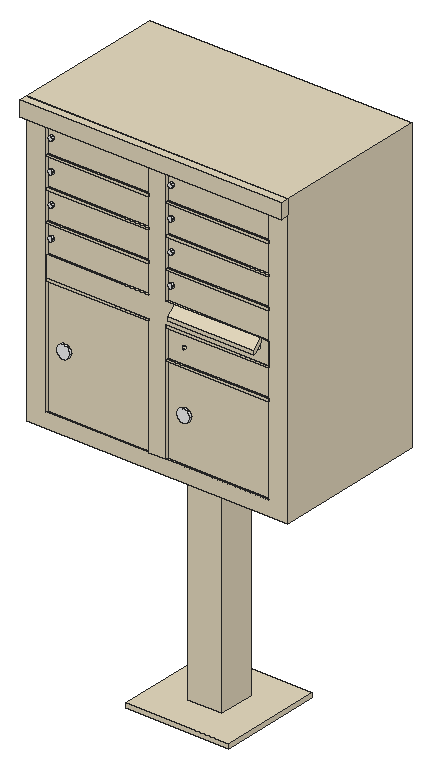
Revit family
Parameters (values of type "8SDAF")
  URL = "http://www.florencemailboxes.com/products.php?dept=Cluster_Box_Units&model=34"
  Slot Height = 0' - 3 1/2"
  Slot 24 = Empty : Empty
  Slot 23 = Empty : Empty
  Slot 22 = Mailbox - Florence - Small Parcel Door - Vital - 1570Series : Mailbox - Florence - Small Parcel Door - Vital - 1570Series
  Slot 21 = Mailbox - Florence - Vacant Door - Vital - 1570Series : Mailbox - Florence - Vacant Door - Vital - 1570Series
  Slot 20 = Mailbox - Florence - Standard Small Door - Vital - 1570Series : Mailbox - Florence - Standard Small Door - Vital - 1570Series
  Slot 19 = Mailbox - Florence - Standard Small Door - Vital - 1570Series : Mailbox - Florence - Standard Small Door - Vital - 1570Series
  Slot 18 = Mailbox - Florence - Standard Small Door - Vital - 1570Series : Mailbox - Florence - Standard Small Door - Vital - 1570Series
  Slot 17 = Mailbox - Florence - Standard Small Door - Vital - 1570Series : Mailbox - Florence - Standard Small Door - Vital - 1570Series
  Slot 16 = Empty : Empty
  Slot 15 = Empty : Empty
  Slot 14 = Empty : Empty
  Slot 13 = Empty : Empty
  Slot 12 = Empty : Empty
  Slot 11 = Empty : Empty
  Slot 10 = Empty : Empty
  Slot 09 = Empty : Empty
  Slot 08 = Mailbox - Florence - Standard Small Door - Vital - 1570Series : Mailbox - Florence - Standard Small Door - Vital - 1570Series
  Slot 07 = Mailbox - Florence - Standard Small Door - Vital - 1570Series : Mailbox - Florence - Standard Small Door - Vital - 1570Series
  Slot 06 = Mailbox - Florence - Standard Small Door - Vital - 1570Series : Mailbox - Florence - Standard Small Door - Vital - 1570Series
  Slot 05 = Mailbox - Florence - Standard Small Door - Vital - 1570Series : Mailbox - Florence - Standard Small Door - Vital - 1570Series
  Slot 04 = Mailbox - Florence - Large Parcel Door - Vital - 1570Series : Mailbox - Florence - Large Parcel Door - Vital - 1570Series
  Slot 03 = Empty : Empty
  Slot 02 = Empty : Empty
  Slot 01 = Empty : Empty
  Side Width = 0' - 2 1/4"
  Pedestal Height = 2' - 4"
  Omniclass Number = "23.40.90.14.11"  # constant formula
  Omniclass Name = "Mail Boxes"  # constant formula
  Model Number = "Vital - 1570 - 8SDAF"
  Model = "Vital Mailboxes"  # constant formula
  Middle Slot Height 3 = 0' - 3 1/2"
  Middle Slot Height 2 = 0' - 3 1/2"
  Middle Slot Height = 0' - 6"
  Material = Paint - Florence - Vital - Sandstone
  Manufacturer = "Florence Manufacturing Company"  # constant formula
  Lock Material = Aluminum
  Frame Top Thickness = 0' - 1 3/4"
  First Slot Height = 0' - 3 1/4"
  Description = "USPS approved cluster mail boxes"  # constant formula
  Depth = 1' - 6"
  Height = 5' - 2"
  Width = 2' - 6 1/2"
  Cross Width = 0' - 2 1/2"
  Cross Height = 1' - 3 3/4"
  Assembly Code = ""
Reference planes (in)
  plane 1 "Back": y = 0
  plane 2 "Bottom": z = 0
  plane 3 "Center (Left/Right)": x = 0.7377
  plane 4 "Left": x = -14.5123
  plane 5 "Right": x = 15.9877
  plane 6 "Front": y = -18
  plane 7 "Top": z = 62
  plane 8 "Center (Front/Back)": y = -9
  plane 9 "Pedestal Top": z = 28
  plane 10 "Box Offset Left": x = -12.2623
  plane 11 "Box Offset Right": x = 13.7377
  plane 12 "Box Offset Bottom": z = 29.75
  plane 13 "Box Offset Top": z = 60.25
  plane 14 "Shelf 2": z = 36.5
  plane 15 "Shelf 1": z = 33
  plane 16 "Shelf 3": z = 40
  plane 17 "Shelf 5": z = 49.5
  plane 18 "Shelf 6": z = 53
  plane 19 "Shelf 7": z = 56.5
  plane 20 "Shelf 8": z = 60
  plane 21 "Shelf 9": z = 63.5
  plane 22 "Shelf 10": z = 67
  plane 23 "Shelf 11": z = 70.5
  plane 24 "Shelf 12": z = 74
  plane 25 "Cross Right": x = 1.7377
  plane 26 "Cross Left": x = -0.2623
  plane 27 "Cross Top": z = 46.25
  plane 28 "Cross Bottom": z = 43.75
  plane 29 "Top Offset Front": y = -19
  plane 30 "Mail Slot Top": z = 45.75
  plane 31 "Mail Slot Bottom": z = 45
  plane 32 "Column 1": x = -6.2623
  plane 33 "Column 2": x = 7.7377
  plane 34 "Drawer Front": y = -17.75
  plane 35 "Shelf 4": z = 43.5
  plane 36 "Back Reference Plane": y = 2
Lines and regions (in)
  Masking region 1
    outline origin (0, 2, 0) x (0, 0, -1) y (-1, 0, 0)
      loop
        line (-62, -15.9877) -> (-28, -15.9877) -> (-28, 14.5123) -> (-62, 14.5123) -> (-62, -15.9877)
  Masking region 2
    outline origin (0, 0, 0) x (1, 0, 0) y (0, 1, 0)
      loop
        line (-14.5123, 0) -> (-14.5123, -19) -> (15.9877, -19) -> (15.9877, 0) -> (-14.5123, 0)
  Masking region 3, detail levels medium
    outline origin (0.7377, 0, 0) x (0, 1, 0) y (0, 0, 1)
      loop
        line (-18, 62) -> (-18, 28) -> (-11.0625, 28) -> (-11.0625, 0.5) -> (-15.0625, 0.5) -> (-15.0625, 0) -> (-2.9375, 0) -> (-2.9375, 0.5) -> (-6.9375, 0.5) -> (-6.9375, 28) -> (0, 28) -> (0, 62) -> (-18, 62)
  Masking region 4, detail levels fine
    outline origin (0.7377, 0, 0) x (0, 1, 0) y (0, 0, 1)
      loop
        line (-19, 62) -> (-19, 60.25) -> (-18, 60.25) -> (-18, 28) -> (-11.0625, 28) -> (-11.0625, 0.5) -> (-15.0625, 0.5) -> (-15.0625, 0) -> (-2.9375, 0) -> (-2.9375, 0.5) -> (-6.9375, 0.5) -> (-6.9375, 28) -> (0, 28) -> (0, 62) -> (-19, 62)
  Masking region 5, detail levels coarse
    outline origin (0.7377, 0, 0) x (0, 1, 0) y (0, 0, 1)
      loop
        line (-18, 62) -> (-18, 28) -> (-11.0625, 28) -> (-11.0625, 0.5) -> (-6.9375, 0.5) -> (-6.9375, 28) -> (0, 28) -> (0, 62) -> (-18, 62)
  Masking region 6
    outline origin (0, -9, 0) x (-1, 0, 0) y (0, 0, 1)
      loop
        line (1.2623, 28) -> (-2.7377, 28) -> (-2.7377, 0.5) -> (1.2623, 0.5) -> (1.2623, 28)
Dimensions and locks (in)
  "Depth": plane 6 "Front" to plane 1 "Back"
  "Width": plane 4 "Left" to plane 5 "Right"
  equal spacing: plane 4 "Left", plane 3 "Center (Left/Right)", plane 5 "Right"
  equal spacing: plane 6 "Front", plane 8 "Center (Front/Back)", plane 1 "Back"
  "Pedestal Height": plane 9 "Pedestal Top" to plane 2 "Bottom"
  "Side Width": plane 4 "Left" to plane 10 "Box Offset Left"
  "Side Width": plane 11 "Box Offset Right" to plane 5 "Right"
  "Frame Top Thickness": plane 12 "Box Offset Bottom" to plane 9 "Pedestal Top"
  "Frame Top Thickness": plane 7 "Top" to plane 13 "Box Offset Top"
  "First Slot Height": plane 15 "Shelf 1" to plane 12 "Box Offset Bottom"
  "Slot Height": plane 14 "Shelf 2" to plane 15 "Shelf 1"
  "Slot Height": plane 16 "Shelf 3" to plane 14 "Shelf 2"
  "Slot Height": plane 20 "Shelf 8" to plane 19 "Shelf 7"
  "Middle Slot Height 3": plane 21 "Shelf 9" to plane 20 "Shelf 8"
  "Slot Height": plane 22 "Shelf 10" to plane 21 "Shelf 9"
  "Slot Height": plane 23 "Shelf 11" to plane 22 "Shelf 10"
  "Slot Height": plane 24 "Shelf 12" to plane 23 "Shelf 11"
  "Slot Height": plane 18 "Shelf 6" to plane 17 "Shelf 5"
  "Middle Slot Height 2": plane 19 "Shelf 7" to plane 18 "Shelf 6"
  plane 25 "Cross Right" to plane 3 "Center (Left/Right)" = 0' - 1"
  plane 3 "Center (Left/Right)" to plane 26 "Cross Left" = 0' - 1"
  locked: plane 29 "Top Offset Front" to plane 6 "Front" at 1
  locked: plane 27 "Cross Top" to plane 30 "Mail Slot Top" at 0.5
  locked: plane 30 "Mail Slot Top" to plane 31 "Mail Slot Bottom" at 0.75
  "Cross Width": plane 27 "Cross Top" to plane 28 "Cross Bottom"
  "Cross Height": plane 28 "Cross Bottom" to plane 9 "Pedestal Top"
  equal spacing: plane 10 "Box Offset Left", plane 32 "Column 1", plane 26 "Cross Left"
  equal spacing: plane 25 "Cross Right", plane 33 "Column 2", plane 11 "Box Offset Right"
  locked: plane 34 "Drawer Front" to plane 6 "Front" at 0.25
  "Slot Height": plane 35 "Shelf 4" to plane 16 "Shelf 3"
  "Middle Slot Height": plane 17 "Shelf 5" to plane 35 "Shelf 4"
  plane 10 "Box Offset Left" to plane 32 "Column 1" = 0' - 6"
  plane 33 "Column 2" to plane 11 "Box Offset Right" = 0' - 6"
  "Height": plane 7 "Top" to plane 2 "Bottom"
  aligned and locked: nested 1 to plane 33 "Column 2"
  aligned and locked: nested 1 to plane 14 "Shelf 2"
  aligned and locked: nested 2 to plane 33 "Column 2"
  aligned and locked: nested 2 to plane 15 "Shelf 1"
  aligned and locked: nested 3 to plane 32 "Column 1"
  aligned and locked: nested 3 to plane 15 "Shelf 1"
  aligned and locked: nested 3 to plane 34 "Drawer Front"
  aligned and locked: nested 1 to plane 34 "Drawer Front"
  aligned and locked: nested 2 to plane 34 "Drawer Front"
  aligned and locked: nested 4 to plane 32 "Column 1"
  aligned and locked: nested 4 to plane 34 "Drawer Front"
  aligned and locked: nested 4 to plane 14 "Shelf 2"
  aligned and locked: nested 5 to plane 33 "Column 2"
  aligned and locked: nested 5 to plane 34 "Drawer Front"
  aligned and locked: nested 5 to plane 16 "Shelf 3"
  aligned and locked: nested 6 to plane 32 "Column 1"
  aligned and locked: nested 6 to plane 34 "Drawer Front"
  aligned and locked: nested 6 to plane 35 "Shelf 4"
  aligned and locked: nested 7 to plane 33 "Column 2"
  aligned and locked: nested 7 to plane 34 "Drawer Front"
  aligned and locked: nested 7 to plane 35 "Shelf 4"
  aligned and locked: nested 8 to plane 32 "Column 1"
  aligned and locked: nested 8 to plane 34 "Drawer Front"
  aligned and locked: nested 8 to plane 17 "Shelf 5"
  aligned and locked: nested 9 to plane 33 "Column 2"
  aligned and locked: nested 9 to plane 34 "Drawer Front"
  aligned and locked: nested 9 to plane 17 "Shelf 5"
  aligned and locked: nested 10 to plane 32 "Column 1"
  aligned and locked: nested 10 to plane 34 "Drawer Front"
  aligned and locked: nested 10 to plane 18 "Shelf 6"
  aligned and locked: nested 11 to plane 33 "Column 2"
  aligned and locked: nested 11 to plane 34 "Drawer Front"
  aligned and locked: nested 11 to plane 18 "Shelf 6"
  aligned and locked: nested 12 to plane 32 "Column 1"
  aligned and locked: nested 12 to plane 34 "Drawer Front"
  aligned and locked: nested 12 to plane 19 "Shelf 7"
  aligned and locked: nested 13 to plane 33 "Column 2"
  aligned and locked: nested 13 to plane 34 "Drawer Front"
  aligned and locked: nested 13 to plane 19 "Shelf 7"
  aligned and locked: nested 14 to plane 32 "Column 1"
  aligned and locked: nested 14 to plane 34 "Drawer Front"
  aligned and locked: nested 14 to plane 20 "Shelf 8"
  aligned and locked: nested 15 to plane 33 "Column 2"
  aligned and locked: nested 15 to plane 34 "Drawer Front"
  aligned and locked: nested 15 to plane 20 "Shelf 8"
  aligned and locked: nested 16 to plane 32 "Column 1"
  aligned and locked: nested 16 to plane 34 "Drawer Front"
  aligned and locked: nested 16 to plane 21 "Shelf 9"
  aligned and locked: nested 17 to plane 33 "Column 2"
  aligned and locked: nested 17 to plane 34 "Drawer Front"
  aligned and locked: nested 17 to plane 21 "Shelf 9"
  aligned and locked: nested 18 to plane 32 "Column 1"
  aligned and locked: nested 18 to plane 34 "Drawer Front"
  aligned and locked: nested 18 to plane 22 "Shelf 10"
  aligned and locked: nested 19 to plane 33 "Column 2"
  aligned and locked: nested 19 to plane 34 "Drawer Front"
  aligned and locked: nested 19 to plane 22 "Shelf 10"
  aligned and locked: nested 20 to plane 32 "Column 1"
  aligned and locked: nested 20 to plane 34 "Drawer Front"
  aligned and locked: nested 20 to plane 23 "Shelf 11"
  aligned and locked: nested 21 to plane 33 "Column 2"
  aligned and locked: nested 21 to plane 34 "Drawer Front"
  aligned and locked: nested 21 to plane 23 "Shelf 11"
  aligned and locked: nested 22 to plane 32 "Column 1"
  aligned and locked: nested 22 to plane 34 "Drawer Front"
  aligned and locked: nested 22 to plane 24 "Shelf 12"
  aligned and locked: nested 23 to plane 33 "Column 2"
  aligned and locked: nested 23 to plane 34 "Drawer Front"
  aligned and locked: nested 23 to plane 24 "Shelf 12"
  aligned and locked: nested 24 to plane 34 "Drawer Front"
  aligned and locked: nested 24 to plane 16 "Shelf 3"
  aligned and locked: nested 24 to plane 32 "Column 1"
  aligned and locked: plane 5 "Right" to nested 25
  aligned and locked: plane 7 "Top" to nested 25
  aligned and locked: plane 1 "Back" to nested 25
  aligned and locked: plane 7 "Top" to Masking region 1 sketch curve
  aligned and locked: plane 9 "Pedestal Top" to Masking region 1 sketch curve
  aligned and locked: Masking region 1 sketch curve to nested 25
  aligned and locked: plane 5 "Right" to Masking region 1 sketch curve
  aligned and locked: plane 2 "Bottom" to level
  aligned and locked: plane 1 "Back" to Masking region 2 sketch curve
  aligned and locked: Masking region 2 sketch curve to plane 4 "Left"
  aligned and locked: plane 29 "Top Offset Front" to Masking region 2 sketch curve
  aligned and locked: plane 5 "Right" to Masking region 2 sketch curve
  aligned and locked: Masking region 3 sketch curve to plane 7 "Top"
  aligned and locked: plane 6 "Front" to Masking region 3 sketch curve
  aligned and locked: Masking region 3 sketch curve to plane 1 "Back"
  aligned and locked: Masking region 3 sketch curve to plane 9 "Pedestal Top"  (x2)
  aligned and locked: Masking region 3 sketch curve to nested 25  (x4)
  aligned and locked: nested 25 to Masking region 3 sketch curve  (x2)
  aligned and locked: Masking region 3 sketch curve to plane 2 "Bottom"
  aligned and locked: plane 13 "Box Offset Top" to Masking region 4 sketch curve
  aligned and locked: plane 29 "Top Offset Front" to Masking region 4 sketch curve
  aligned and locked: Masking region 4 sketch curve to plane 6 "Front"
  aligned and locked: plane 7 "Top" to Masking region 4 sketch curve
  aligned and locked: plane 1 "Back" to Masking region 4 sketch curve
  aligned and locked: plane 9 "Pedestal Top" to Masking region 4 sketch curve  (x2)
  aligned and locked: nested 25 to Masking region 4 sketch curve
  aligned and locked: Masking region 4 sketch curve to nested 25  (x5)
  aligned and locked: plane 2 "Bottom" to Masking region 4 sketch curve
  aligned and locked: plane 7 "Top" to Masking region 5 sketch curve
  aligned and locked: plane 1 "Back" to Masking region 5 sketch curve
  aligned and locked: Masking region 5 sketch curve to plane 6 "Front"
  aligned and locked: plane 9 "Pedestal Top" to Masking region 5 sketch curve  (x2)
  aligned and locked: nested 25 to Masking region 5 sketch curve  (x2)
  aligned and locked: Masking region 5 sketch curve to nested 25
  aligned and locked: nested 25 to Masking region 6 sketch curve
  aligned and locked: plane 9 "Pedestal Top" to Masking region 6 sketch curve
  aligned and locked: Masking region 6 sketch curve to nested 25  (x2)
Nested families (in)
  nested 1: "Empty" at (7, -2.75, 33.25), type <- "Slot 23", type "Empty"
  nested 2: "Empty" at (7, -2.75, 29.75), type <- "Slot 24", type "Empty"
  nested 3: "Empty" at (-7, -2.75, 29.75), type <- "Slot 01", type "Empty"
  nested 4: "Empty" at (-7, -2.75, 33.25), type <- "Slot 02", type "Empty"
  nested 5: "Mailbox - Florence - Small Parcel Door - Vital - 1570Series" at (7, -16.75, 29.75), type <- "Slot 22", type "Mailbox - Florence - Small Parcel Door - Vital - 1570Series"
  nested 6: "Mailbox - Florence - Large Parcel Door - Vital - 1570Series" at (-7, -16.75, 29.75), type <- "Slot 04", type "Mailbox - Florence - Large Parcel Door - Vital - 1570Series"
  nested 7: "Mailbox - Florence - Vacant Door - Vital - 1570Series" at (7, -16.75, 40.25), type <- "Slot 21", type "Mailbox - Florence - Vacant Door - Vital - 1570Series"
  nested 8: "Mailbox - Florence - Standard Small Door - Vital - 1570Series" at (-7, -16.75, 46.25), type <- "Slot 05", type "Mailbox - Florence - Standard Small Door - Vital - 1570Series"
  nested 9: "Mailbox - Florence - Standard Small Door - Vital - 1570Series" at (7, -16.75, 46.25), type <- "Slot 20", type "Mailbox - Florence - Standard Small Door - Vital - 1570Series"
  nested 10: "Mailbox - Florence - Standard Small Door - Vital - 1570Series" at (-7, -16.75, 49.75), type <- "Slot 06", type "Mailbox - Florence - Standard Small Door - Vital - 1570Series"
  nested 11: "Mailbox - Florence - Standard Small Door - Vital - 1570Series" at (7, -16.75, 49.75), type <- "Slot 19", type "Mailbox - Florence - Standard Small Door - Vital - 1570Series"
  nested 12: "Mailbox - Florence - Standard Small Door - Vital - 1570Series" at (-7, -16.75, 53.25), type <- "Slot 07", type "Mailbox - Florence - Standard Small Door - Vital - 1570Series"
  nested 13: "Mailbox - Florence - Standard Small Door - Vital - 1570Series" at (7, -16.75, 53.25), type <- "Slot 18", type "Mailbox - Florence - Standard Small Door - Vital - 1570Series"
  nested 14: "Mailbox - Florence - Standard Small Door - Vital - 1570Series" at (-7, -16.75, 56.75), type <- "Slot 08", type "Mailbox - Florence - Standard Small Door - Vital - 1570Series"
  nested 15: "Mailbox - Florence - Standard Small Door - Vital - 1570Series" at (7, -16.75, 56.75), type <- "Slot 17", type "Mailbox - Florence - Standard Small Door - Vital - 1570Series"
  nested 16: "Empty" at (-7, -2.75, 60.25), type <- "Slot 09", type "Empty"
  nested 17: "Empty" at (7, -2.75, 60.25), type <- "Slot 16", type "Empty"
  nested 18: "Empty" at (-7, -2.75, 63.75), type <- "Slot 10", type "Empty"
  nested 19: "Empty" at (7, -2.75, 63.75), type <- "Slot 15", type "Empty"
  nested 20: "Empty" at (-7, -2.75, 67.25), type <- "Slot 11", type "Empty"
  nested 21: "Empty" at (7, -2.75, 67.25), type <- "Slot 14", type "Empty"
  nested 22: "Empty" at (-7, -2.75, 70.75), type <- "Slot 12", type "Empty"
  nested 23: "Empty" at (7, -2.75, 70.75), type <- "Slot 13", type "Empty"
  nested 24: "Empty" at (-7, -2.75, 36.75), type <- "Slot 03", type "Empty"
  nested 25: "Mailbox - Florence - Main Body - Vital - 1570-Series" at (0, 0, 0), type "Mailbox - Florence - Main Body - Vital - 1570-Series"
Definition of nested family "Mailbox - Florence - Small Parcel Door - Vital - 1570Series"
  Parameters
    URL = "http://www.florencemailboxes.com/products.php?dept=Cluster_Box_Units&model=34"
    Model = "Vital 1570 Series Large Parcel Door"  # constant formula
    Material = Paint - Florence - Vital - Postal Grey
    Manufacturer = "Florence Manufacturing Company"  # constant formula
    Lock Material = Aluminum
    Description = "USPS approved cluster mail box door"  # constant formula
    Depth = 0' - 1"  # constant formula
    Height = 0' - 10 1/4"  # constant formula
    Width = 1' - 0"  # constant formula
  Reference planes (in)
    plane 1 "Back": y = 0
    plane 2 "Base": z = 0
    plane 3 "Center (Left/Right)": x = 0.7377
    plane 4 "Left": x = -5.2623
    plane 5 "Right": x = 6.7377
    plane 6 "Front": y = -1
    plane 7 "Top": z = 10.25
    plane 8 "Front Offset": y = -1.25
    plane 9: z = 10.5
    plane 10 "Key Offset Vertical": z = 5.25
    plane 11 "Key Offset Horizontal": x = -3.2623
  Forms (in)
    Extrusion 1, solid, material "Paint - Florence - Vital - Postal Grey" <- "Material", detail levels fine
      sketch origin (0, 0, 0) x (1, 0, 0) y (0, 1, 0)
        loop
          line (-5.2623, 0) -> (-5.2623, -1) -> (6.7377, -1) -> (6.7377, 0) -> (-5.2623, 0)
      from 0 to 10.25
    Extrusion 2, solid, material "Paint - Florence - Vital - Postal Grey" <- "Material", detail levels fine
      sketch origin (-10, -1, -6.29163) x (1, 0, 0) y (0, 0, 1)
        loop
          line (4.7377, 16.79163) -> (4.7377, 16.54163) -> (16.7377, 16.54163) -> (16.7377, 16.79163) -> (4.7377, 16.79163)
      from -1 to 0.25
    Sweep 3, solid, material "Aluminum" <- "Lock Material", detail levels fine
      path origin (0, 0, 5.25) x (-1, 0, 0) y (0, -1, 0)
        loop
          line (3.2623, 1.25) -> (3.2623, 1)
      profile origin (-3.2623, -1.125, 5.25) x (-1, 0, 0) y (0, 0, 1)
        loop
          circle (0, 0) r 0.75
  Lines and regions (in)
    symbolic lines, style "Projection Lines", detail levels fine
      curve 1: circle (-3.2623, -1, 5.25) r 0.75 normal (0, -1, 0)
    symbolic lines, style "Symbolic Lines"
      curve 2: line (-5.2623, -1, 10.5) -> (6.7377, -1, 10.5)
    model lines, style "Model Lines", detail levels medium
      curve 3: circle (-3.2623, -1, 5.25) r 0.75 normal (0, 1, 0)
      curve 4: line (6.7377, -1, 10.25) -> (-5.2623, -1, 10.25)
    model lines, style "Model Lines", detail levels coarse+medium
      curve 5: line (6.7377, -1, 10.5) -> (-5.2623, -1, 10.5)
      curve 6: line (6.7377, -1, 0) -> (-5.2623, -1, 0)
    symbolic lines, style "Symbolic Lines", detail levels medium+fine
      curve 7: line (-5.2623, -1, 10.25) -> (6.7377, -1, 10.25)
  Dimensions and locks (in)
    "Depth": plane 6 "Front" to plane 1 "Back"
    "Width": plane 4 "Left" to plane 5 "Right"
    equal spacing: plane 4 "Left", plane 3 "Center (Left/Right)", plane 5 "Right"
    "Height": level to plane 7 "Top"
    plane 8 "Front Offset" to plane 6 "Front" = 0' - 0 1/4"
    plane 9 to plane 7 "Top" = 0' - 0 1/4"
    equal spacing: plane 9, plane 10 "Key Offset Vertical", plane 2 "Base"
    plane 4 "Left" to plane 11 "Key Offset Horizontal" = 0' - 2"
    aligned and locked: plane 4 "Left" to Extrusion 1 sketch curve
    aligned and locked: plane 1 "Back" to Extrusion 1 sketch curve
    aligned and locked: plane 6 "Front" to Extrusion 1 sketch curve
    aligned and locked: plane 5 "Right" to Extrusion 1 sketch curve
    aligned and locked: Extrusion 1 to plane 2 "Base"
    aligned and locked: Extrusion 1 to plane 7 "Top"
    aligned and locked: plane 4 "Left" to Extrusion 2 sketch curve
    aligned and locked: Extrusion 2 sketch curve to plane 9
    aligned and locked: Extrusion 2 sketch curve to Extrusion 1  (x2)
    aligned and locked: Extrusion 2 to plane 1 "Back"
    aligned and locked: Extrusion 2 to plane 8 "Front Offset"
    aligned and locked: Sweep 3 sketch curve to plane 11 "Key Offset Horizontal"
    aligned and locked: curve 1 to Sweep 3
    aligned and locked: curve 3 to Sweep 3
    aligned and locked: plane 7 "Top" to curve 7
    aligned and locked: curve 5 to Extrusion 2  (x2)
    aligned and locked: Extrusion 2 to curve 4
    aligned and locked: curve 2 to plane 9
    aligned and locked: plane 2 "Base" to curve 6
  Automatic sketch dimensions
    plane 7 "Top" to Extrusion 2 sketch curve = 0' - 0"
    Sweep 3 sketch curve to plane 6 "Front" = 0' - 0"
    Sweep 3 sketch curve to plane 8 "Front Offset" = 0' - 0"
    Sweep 3 sketch curve to plane 10 "Key Offset Vertical" = 0' - 0"
    Sweep 3 sketch curve to profile plane = 0' - 0"
    curve 4 to plane 7 "Top" = 0' - 0"
    curve 7 to plane 4 "Left" = 0' - 0"
    curve 6 to plane 4 "Left" = 0' - 0"
    curve 6 to plane 5 "Right" = 0' - 0"
    curve 2 to plane 5 "Right" = 0' - 0"
    curve 4 to plane 5 "Right" = 0' - 0"
    curve 7 to plane 5 "Right" = 0' - 0"
    radius of Sweep 3 sketch curve = 0' - 0 3/4"
Definition of nested family "Mailbox - Florence - Large Parcel Door - Vital - 1570Series"
  Parameters
    URL = "http://www.florencemailboxes.com/products.php?dept=Cluster_Box_Units&model=34"
    Model = "Vital 1570 Series Large Parcel Door"  # constant formula
    Manufacturer = "Florence Manufacturing Company"  # constant formula
    Lock Material = Metal - Florence - Vital - Aluminum
    Frame Material = Paint - Florence - Vital - Postal Grey
    Description = "USPS approved cluster mail box Door"  # constant formula
    Depth = 0' - 1"  # constant formula
    Height = 1' - 1 3/4"  # constant formula
    Width = 1' - 0"  # constant formula
  Reference planes (in)
    plane 1 "Back": y = 0
    plane 2 "Base": z = 0
    plane 3 "Center (Left/Right)": x = 0.7377
    plane 4 "Left": x = -5.2623
    plane 5 "Right": x = 6.7377
    plane 6 "Front": y = -1
    plane 7 "Top": z = 13.75
    plane 8 "Front Offset": y = -1.25
    plane 9: z = 14
    plane 10 "Key Offset Vertical": z = 7
    plane 11 "Key Offset Horizontal": x = -3.2623
  Forms (in)
    Extrusion 1, solid, material "Paint - Florence - Vital - Postal Grey" <- "Frame Material", detail levels fine
      sketch origin (0, 0, 0) x (1, 0, 0) y (0, 1, 0)
        loop
          line (-5.2623, 0) -> (-5.2623, -1) -> (6.7377, -1) -> (6.7377, 0) -> (-5.2623, 0)
      from 0 to 13.75
    Extrusion 2, solid, material "Paint - Florence - Vital - Postal Grey" <- "Frame Material", detail levels fine
      sketch origin (0, -1, 0) x (1, 0, 0) y (0, 0, 1)
        loop
          line (-5.2623, 14) -> (-5.2623, 13.75) -> (6.7377, 13.75) -> (6.7377, 14) -> (-5.2623, 14)
      from -1 to 0.25
    Sweep 3, solid, material "Metal - Florence - Vital - Aluminum" <- "Lock Material", detail levels fine
      path origin (0, 0, 7) x (-1, 0, 0) y (0, -1, 0)
        loop
          line (3.2623, 1.25) -> (3.2623, 1)
      profile origin (-3.2623, -1.125, 7) x (-1, 0, 0) y (0, 0, 1)
        loop
          circle (0, 0) r 0.75
  Lines and regions (in)
    symbolic lines, style "Projection Lines", detail levels fine
      curve 1: circle (-3.2623, -1, 7) r 0.75 normal (0, -1, 0)
    symbolic lines, style "Symbolic Lines"
      curve 2: line (-5.2623, -1, 14) -> (6.7377, -1, 14)
    model lines, style "Model Lines", detail levels coarse+medium
      curve 3: line (6.7377, -1, 14) -> (-5.2623, -1, 14)
      curve 4: line (-5.2623, -1, 0) -> (6.7377, -1, 0)
    model lines, style "Model Lines", detail levels medium
      curve 5: circle (-3.2623, -1, 7) r 0.75 normal (0, 1, 0)
      curve 6: line (6.7377, -1, 13.75) -> (-5.2623, -1, 13.75)
    symbolic lines, style "Symbolic Lines", detail levels medium+fine
      curve 7: line (-5.2623, -1, 13.75) -> (6.7377, -1, 13.75)
  Dimensions and locks (in)
    "Depth": plane 6 "Front" to plane 1 "Back"
    "Width": plane 4 "Left" to plane 5 "Right"
    equal spacing: plane 4 "Left", plane 3 "Center (Left/Right)", plane 5 "Right"
    "Height": level to plane 7 "Top"
    plane 8 "Front Offset" to plane 6 "Front" = 0' - 0 1/4"
    plane 9 to plane 7 "Top" = 0' - 0 1/4"
    equal spacing: plane 9, plane 10 "Key Offset Vertical", plane 2 "Base"
    plane 4 "Left" to plane 11 "Key Offset Horizontal" = 0' - 2"
    aligned and locked: plane 4 "Left" to Extrusion 1 sketch curve
    aligned and locked: plane 1 "Back" to Extrusion 1 sketch curve
    aligned and locked: plane 6 "Front" to Extrusion 1 sketch curve
    aligned and locked: plane 5 "Right" to Extrusion 1 sketch curve
    aligned and locked: Extrusion 1 to plane 2 "Base"
    aligned and locked: Extrusion 1 to plane 7 "Top"
    aligned and locked: plane 4 "Left" to Extrusion 2 sketch curve
    aligned and locked: Extrusion 2 sketch curve to plane 9
    aligned and locked: Extrusion 1 to Extrusion 2 sketch curve
    aligned and locked: Extrusion 2 sketch curve to Extrusion 1
    aligned and locked: Extrusion 2 to plane 1 "Back"
    aligned and locked: Extrusion 2 to plane 8 "Front Offset"
    aligned and locked: Sweep 3 sketch curve to plane 11 "Key Offset Horizontal"
    aligned and locked: curve 1 to Sweep 3
    aligned and locked: curve 2 to Extrusion 2
    aligned and locked: curve 5 to Sweep 3
    aligned and locked: plane 7 "Top" to curve 7
    aligned and locked: curve 3 to Extrusion 2
    aligned and locked: Extrusion 2 to curve 6
    aligned and locked: curve 6 to Extrusion 2
    aligned and locked: plane 4 "Left" to Extrusion 1
    aligned and locked: plane 7 "Top" to Extrusion 2
    aligned and locked: plane 9 to Extrusion 2
    aligned and locked: curve 4 to plane 2 "Base"
  Automatic sketch dimensions
    Extrusion 2 sketch curve to plane 7 "Top" = 0' - 0"
    Sweep 3 sketch curve to plane 6 "Front" = 0' - 0"
    Sweep 3 sketch curve to plane 8 "Front Offset" = 0' - 0"
    Sweep 3 sketch curve to plane 10 "Key Offset Vertical" = 0' - 0"
    Sweep 3 sketch curve to profile plane = 0' - 0"
    curve 7 to plane 4 "Left" = 0' - 0"
    curve 4 to plane 4 "Left" = 0' - 0"
    curve 6 to plane 5 "Right" = 0' - 0"
    curve 2 to plane 5 "Right" = 0' - 0"
    curve 4 to plane 5 "Right" = 0' - 0"
    curve 7 to plane 5 "Right" = 0' - 0"
    radius of Sweep 3 sketch curve = 0' - 0 3/4"
Definition of nested family "Mailbox - Florence - Vacant Door - Vital - 1570Series"
  Parameters
    URL = "http://www.florencemailboxes.com/products.php?dept=Cluster_Box_Units&model=34"
    Model = "Vital 1570 Series Vacant Door"  # constant formula
    Material = Paint - Florence - Vital - Postal Grey
    Manufacturer = "Florence Manufacturing Company"  # constant formula
    Description = "USPS approved cluster mail box door"  # constant formula
    Depth = 0' - 1"  # constant formula
    Height = 0' - 3 1/4"  # constant formula
    Width = 1' - 0"  # constant formula
  Reference planes (in)
    plane 1 "Back": y = 0
    plane 2 "Base": z = 0
    plane 3 "Center (Left/Right)": x = 0.7377
    plane 4 "Left": x = -5.2623
    plane 5 "Right": x = 6.7377
    plane 6 "Front": y = -1
    plane 7 "Top": z = 3.25
    plane 8 "Front Offset": y = -1.25
    plane 9 "Lip Top": z = 3.5
    plane 10 "Key Offset Vertical": z = 1.75
    plane 11 "Key Offset Horizontal": x = -3.2623
  Forms (in)
    Extrusion 1, solid, material "Paint - Florence - Vital - Postal Grey" <- "Material", detail levels fine
      sketch origin (0, 0, 0) x (1, 0, 0) y (0, 1, 0)
        loop
          line (-5.2623, 0) -> (-5.2623, -1) -> (6.7377, -1) -> (6.7377, 0) -> (-5.2623, 0)
      from 0 to 3.25
    Extrusion 2, solid, material "Paint - Florence - Vital - Postal Grey" <- "Material", detail levels fine
      sketch origin (0, -1, 0) x (1, 0, 0) y (0, 0, 1)
        loop
          line (-5.2623, 3.5) -> (-5.2623, 3.25) -> (6.7377, 3.25) -> (6.7377, 3.5) -> (-5.2623, 3.5)
      from -1 to 0.25
    Sweep 3, void, detail levels fine
      path origin (0, 0, 1.75) x (-1, 0, 0) y (0, -1, 0)
        loop
          line (3.2623, 1) -> (3.2623, 0)
      profile origin (-3.2623, -0.5, 1.75) x (-1, 0, 0) y (0, 0, 1)
        loop
          circle (0, 0) r 0.25
  Cuts and joins
    Sweep 3 cuts Extrusion 1
  Lines and regions (in)
    symbolic lines, style "Symbolic Lines", detail levels fine
      curve 1: circle (-3.2623, -1, 1.75) r 0.25 normal (0, -1, 0)
    symbolic lines, style "Symbolic Lines"
      curve 2: line (6.7377, -1, 3.5) -> (-5.2623, -1, 3.5)
    model lines, style "Model Lines"
      curve 3: line (6.7377, -1, 3.5) -> (-5.2623, -1, 3.5)
      curve 5: line (6.7377, -1, 0) -> (-5.2623, -1, 0)
    model lines, style "Model Lines", detail levels medium+fine
      curve 4: line (6.7377, -1, 3.25) -> (-5.2623, -1, 3.25)
    model lines, style "Model Lines", detail levels medium
      curve 6: circle (-3.2623, -1, 1.75) r 0.25 normal (0, -1, 0)
    symbolic lines, style "Symbolic Lines", detail levels medium+fine
      curve 7: line (-5.2623, -1, 3.25) -> (6.7377, -1, 3.25)
  Dimensions and locks (in)
    "Depth": plane 6 "Front" to plane 1 "Back"
    "Width": plane 4 "Left" to plane 5 "Right"
    equal spacing: plane 4 "Left", plane 3 "Center (Left/Right)", plane 5 "Right"
    "Height": level to plane 7 "Top"
    plane 8 "Front Offset" to plane 6 "Front" = 0' - 0 1/4"
    plane 9 "Lip Top" to plane 7 "Top" = 0' - 0 1/4"
    equal spacing: plane 9 "Lip Top", plane 10 "Key Offset Vertical", plane 2 "Base"
    plane 4 "Left" to plane 11 "Key Offset Horizontal" = 0' - 2"
    aligned and locked: plane 4 "Left" to Extrusion 1 sketch curve
    aligned and locked: plane 1 "Back" to Extrusion 1 sketch curve
    aligned and locked: plane 6 "Front" to Extrusion 1 sketch curve
    aligned and locked: plane 5 "Right" to Extrusion 1 sketch curve
    aligned and locked: Extrusion 1 to plane 2 "Base"
    aligned and locked: Extrusion 1 to plane 7 "Top"
    aligned and locked: plane 4 "Left" to Extrusion 2 sketch curve
    aligned and locked: Extrusion 2 sketch curve to plane 9 "Lip Top"
    aligned and locked: Extrusion 1 to Extrusion 2 sketch curve
    aligned and locked: Extrusion 2 sketch curve to Extrusion 1
    aligned and locked: Extrusion 2 to plane 1 "Back"
    aligned and locked: Extrusion 2 to plane 8 "Front Offset"
    aligned and locked: Sweep 3 sketch curve to plane 11 "Key Offset Horizontal"
    aligned and locked: plane 9 "Lip Top" to curve 2
    aligned and locked: curve 6 to cut or joined group of Extrusion 1, Sweep 3
    aligned and locked: plane 7 "Top" to curve 7
    aligned and locked: curve 4 to Extrusion 2
    aligned and locked: curve 3 to Extrusion 2
    aligned and locked: Extrusion 2 to curve 4
    aligned and locked: curve 1 to curve 6
    aligned and locked: curve 4 to plane 7 "Top"
    aligned and locked: plane 2 "Base" to curve 5
  Automatic sketch dimensions
    Extrusion 2 sketch curve to plane 7 "Top" = 0' - 0"
    Sweep 3 sketch curve to plane 1 "Back" = 0' - 0"
    Sweep 3 sketch curve to plane 6 "Front" = 0' - 0"
    Sweep 3 sketch curve to plane 10 "Key Offset Vertical" = 0' - 0"
    Sweep 3 sketch curve to profile plane = 0' - 0"
    curve 7 to plane 4 "Left" = 0' - 0"
    curve 5 to plane 4 "Left" = 0' - 0"
    curve 3 to plane 5 "Right" = 0' - 0"
    curve 7 to plane 5 "Right" = 0' - 0"
    curve 5 to plane 5 "Right" = 0' - 0"
    radius of Sweep 3 sketch curve = 0' - 0 1/4"
Definition of nested family "Mailbox - Florence - Standard Small Door - Vital - 1570Series"
  Parameters
    URL = "090722-RevitDrop Shared Parameters.txt"
    Model = "Vital Series 1570 Series Standard Small Door"  # constant formula
    Material = Paint - Florence - Vital - Postal Grey
    Manufacturer = "Florence Manufacturing Company"  # constant formula
    Lock Material = Aluminum
    Description = "USPS approved cluster mail box door"  # constant formula
    Depth = 0' - 1"  # constant formula
    Height = 0' - 3 1/4"  # constant formula
    Width = 1' - 0"  # constant formula
  Reference planes (in)
    plane 1 "Back": y = 0
    plane 2 "Base": z = 0
    plane 3 "Center (Left/Right)": x = 0.7377
    plane 4 "Left": x = -5.2623
    plane 5 "Right": x = 6.7377
    plane 6 "Front": y = -1
    plane 7 "Top": z = 3.25
    plane 8 "Front Offset": y = -1.25
    plane 9: z = 3.5
    plane 10 "Key Offset Vertical": z = 1.75
    plane 11 "Key Offset Horizontal": x = -4.7623
  Forms (in)
    Extrusion 1, solid, material "Paint - Florence - Vital - Postal Grey" <- "Material", detail levels fine
      sketch origin (0, 0, 0) x (1, 0, 0) y (0, 1, 0)
        loop
          line (-5.2623, 0) -> (-5.2623, -1) -> (6.7377, -1) -> (6.7377, 0) -> (-5.2623, 0)
      from 0 to 3.25
    Extrusion 2, solid, material "Paint - Florence - Vital - Postal Grey" <- "Material", detail levels fine
      sketch origin (0, -1, 0) x (1, 0, 0) y (0, 0, 1)
        loop
          line (-5.2623, 3.5) -> (-5.2623, 3.25) -> (6.7377, 3.25) -> (6.7377, 3.5) -> (-5.2623, 3.5)
      from -1 to 0.25
    Sweep 3, solid, material "Aluminum" <- "Lock Material", detail levels fine
      path origin (0, 0, 1.75) x (-1, 0, 0) y (0, -1, 0)
        loop
          line (4.7623, 1.25) -> (4.7623, 1)
      profile origin (-4.7623, -1.125, 1.75) x (-1, 0, 0) y (0, 0, 1)
        loop
          circle (0, 0) r 0.25
  Lines and regions (in)
    symbolic lines, style "Projection Lines", detail levels fine
      curve 1: circle (-4.7623, -1, 1.75) r 0.25 normal (0, -1, 0)
    symbolic lines, style "Symbolic Lines"
      curve 2: line (6.7377, -1, 3.5) -> (-5.2623, -1, 3.5)
    model lines, style "Model Lines", detail levels coarse+medium
      curve 3: line (6.7377, -1, 3.5) -> (-5.2623, -1, 3.5)
      curve 4: line (6.7377, -1, 0) -> (-5.2623, -1, 0)
    model lines, style "Model Lines", detail levels medium
      curve 5: line (6.7377, -1, 3.25) -> (-5.2623, -1, 3.25)
      curve 6: circle (-4.7623, -1, 1.75) r 0.25 normal (0, -1, 0)
    symbolic lines, style "Symbolic Lines", detail levels medium+fine
      curve 7: line (-5.2623, -1, 3.25) -> (6.7377, -1, 3.25)
  Dimensions and locks (in)
    "Depth": plane 6 "Front" to plane 1 "Back"
    "Width": plane 4 "Left" to plane 5 "Right"
    equal spacing: plane 4 "Left", plane 3 "Center (Left/Right)", plane 5 "Right"
    "Height": level to plane 7 "Top"
    plane 8 "Front Offset" to plane 6 "Front" = 0' - 0 1/4"
    plane 9 to plane 7 "Top" = 0' - 0 1/4"
    equal spacing: plane 9, plane 10 "Key Offset Vertical", plane 2 "Base"
    plane 4 "Left" to plane 11 "Key Offset Horizontal" = 0' - 0 1/2"
    aligned and locked: plane 4 "Left" to Extrusion 1 sketch curve
    aligned and locked: plane 1 "Back" to Extrusion 1 sketch curve
    aligned and locked: plane 6 "Front" to Extrusion 1 sketch curve
    aligned and locked: plane 5 "Right" to Extrusion 1 sketch curve
    aligned and locked: Extrusion 1 to plane 2 "Base"
    aligned and locked: Extrusion 1 to plane 7 "Top"
    aligned and locked: plane 4 "Left" to Extrusion 2 sketch curve
    aligned and locked: Extrusion 2 sketch curve to plane 9
    aligned and locked: Extrusion 1 to Extrusion 2 sketch curve
    aligned and locked: Extrusion 2 sketch curve to Extrusion 1
    aligned and locked: Extrusion 2 to plane 1 "Back"
    aligned and locked: Extrusion 2 to plane 8 "Front Offset"
    aligned and locked: Sweep 3 sketch curve to plane 11 "Key Offset Horizontal"
    aligned and locked: plane 8 "Front Offset" to Sweep 3
    aligned and locked: curve 4 to Extrusion 1
    aligned and locked: curve 3 to Extrusion 2  (x2)
    aligned and locked: Extrusion 2 to curve 3
    aligned and locked: curve 6 to Sweep 3
    aligned and locked: plane 7 "Top" to curve 7
    aligned and locked: curve 5 to Extrusion 2
    aligned and locked: Extrusion 2 to curve 5
    aligned and locked: curve 1 to Sweep 3
  Automatic sketch dimensions
    Extrusion 2 sketch curve to plane 7 "Top" = 0' - 0"
    Sweep 3 sketch curve to plane 6 "Front" = 0' - 0"
    Sweep 3 sketch curve to plane 8 "Front Offset" = 0' - 0"
    Sweep 3 sketch curve to plane 10 "Key Offset Vertical" = 0' - 0"
    Sweep 3 sketch curve to profile plane = 0' - 0"
    curve 5 to plane 7 "Top" = 0' - 0"
    curve 7 to plane 4 "Left" = 0' - 0"
    curve 4 to plane 4 "Left" = 0' - 0"
    curve 4 to plane 5 "Right" = 0' - 0"
    curve 7 to plane 5 "Right" = 0' - 0"
    radius of Sweep 3 sketch curve = 0' - 0 1/4"
Definition of nested family "Mailbox - Florence - Main Body - Vital - 1570-Series"
  Parameters
    URL = "http://www.florencemailboxes.com/products.php?dept=Cluster_Box_Units&model=34"
    Slot Height = 0' - 3 1/2"
    Side Width = 0' - 2 1/4"
    Pedestal Height = 2' - 4"
    Omniclass Number = "23.40.90.14.11"  # constant formula
    Omniclass Name = "Mail Boxes"  # constant formula
    Model Number = "Vital 1570-8SDAF"
    Model = "Vital & Versatile Mailboxes"  # constant formula
    Middle Slot Height 3 = 0' - 3 1/2"
    Middle Slot Height 2 = 0' - 3 1/2"
    Middle Slot Height = 0' - 6"
    Material = Paint - Florence - Vital - Postal Grey
    Manufacturer = "Florence Manufacturing Company"  # constant formula
    Lock Material = Aluminum
    Frame Top Thickness = 0' - 1 3/4"
    First Slot Height = 0' - 3 1/4"
    Description = "USPS approved cluster mail boxes"  # constant formula
    Depth = 1' - 6"
    Height = 5' - 2"
    Width = 2' - 6 1/2"
    Cross Width = 0' - 2 3/4"
    Cross Height = 1' - 3 1/2"
  Reference planes (in)
    plane 1 "Back": y = 0
    plane 2: z = 0
    plane 3 "Center (Left/Right)": x = 0.7377
    plane 4 "Left": x = -14.5123
    plane 5 "Right": x = 15.9877
    plane 6 "Front": y = -18
    plane 7 "Top": z = 62
    plane 8 "Base Rear": y = -2.9375
    plane 9 "Base Front": y = -15.0625
    plane 10 "Pedestal Back": y = -6.9375
    plane 11 "Pedestal Front": y = -11.0625
    plane 12 "Center (Front/Back)": y = -9
    plane 13 "Pedestal Left": x = -1.2623
    plane 14 "Pedestal Right": x = 2.7377
    plane 15 "Base Right": x = 6.7377
    plane 16 "Base Left": x = -5.2623
    plane 17 "Base Top": z = 0.5
    plane 18 "Pedestal Top": z = 28
    plane 19 "Box Offset Left": x = -12.2623
    plane 20 "Box Offset Back": y = -1
    plane 21 "Box Offset Right": x = 13.7377
    plane 22 "Box Offset Bottom": z = 29.75
    plane 23 "Box Offset Top": z = 60.25
    plane 24 "Shelf 2": z = 36.5
    plane 25 "Shelf 1": z = 33
    plane 26 "Shelf 3": z = 40
    plane 27 "Shelf 5": z = 49.5
    plane 28 "Shelf 6": z = 53
    plane 29 "Shelf 7": z = 56.5
    plane 30 "Shelf 8": z = 60
    plane 31 "Shelf 9": z = 63.5
    plane 32 "Shelf 10": z = 67
    plane 33 "Shelf 11": z = 70.5
    plane 34 "Shelf 12": z = 74
    plane 35 "Cross Right": x = 1.7377
    plane 36 "Cross Left": x = -0.2623
    plane 37 "Cross Top": z = 46.25
    plane 38 "Cross Bottom": z = 43.5
    plane 39 "Top Offset Front": y = -19
    plane 40 "Mail Slot Right": x = 12.7377
    plane 41 "Mail Slot Top": z = 45.75
    plane 42 "Mail Slot Bottom": z = 45
    plane 43 "Column 1": x = -6.2623
    plane 44 "Column 2": x = 7.7377
    plane 45 "Drawer Front": y = -17.75
    plane 46 "Shelf 4": z = 43.5
  Forms (in)
    Extrusion 1, solid, material "Paint - Florence - Vital - Postal Grey" <- "Material"
      sketch origin (0, -18, 0) x (1, 0, 0) y (0, 0, 1)
        loop
          line (-1.2623, 28) -> (-1.2623, 0.5) -> (2.7377, 0.5) -> (2.7377, 28) -> (-1.2623, 28)
      from -11.0625 to -6.9375
    Extrusion 2, solid, material "Paint - Florence - Vital - Postal Grey" <- "Material"
      sketch origin (0, 0, 0) x (1, 0, 0) y (0, 1, 0)
        loop
          line (-5.2623, -15.0625) -> (6.7377, -15.0625) -> (6.7377, -2.9375) -> (-5.2623, -2.9375) -> (-5.2623, -15.0625)
      from 0 to 0.5
    Extrusion 3, solid, material "Paint - Florence - Vital - Postal Grey" <- "Material", detail levels fine
      sketch origin (0, -18, 0) x (1, 0, 0) y (0, 0, 1)
        loop
          line (-12.2623, 46.25) -> (-12.2623, 43.5) -> (-0.2623, 43.5) -> (-0.2623, 29.75) -> (1.7377, 29.75) -> (1.7377, 43.5) -> (13.7377, 43.5) -> (13.7377, 46.25) -> (1.7377, 46.25) -> (1.7377, 60.25) -> (-0.2623, 60.25) -> (-0.2623, 46.25) -> (-12.2623, 46.25)
        loop
          line (2.7377, 45.75) -> (2.7377, 45) -> (12.7377, 45) -> (12.7377, 45.75) -> (2.7377, 45.75)
      from -2.9375 to 0
    Extrusion 4, solid, material "Paint - Florence - Vital - Postal Grey" <- "Material", detail levels fine
      sketch origin (15.9877, 0, 0) x (0, -1, 0) y (0, 0, 1)
        loop
          line (19, 45.3763) -> (18, 46.25) -> (18, 45.75) -> (18.85842, 45) -> (19, 45) -> (19, 45.3763)
      from 3.25 to 13.25
    Extrusion 5, solid, material "Paint - Florence - Vital - Postal Grey" <- "Material", detail levels coarse+medium
      sketch origin (0, -18, 0) x (1, 0, 0) y (0, 0, 1)
        loop
          line (-12.2623, 60.25) -> (-12.2623, 29.75) -> (13.7377, 29.75) -> (13.7377, 60.25) -> (-12.2623, 60.25)
      from -0.25 to -2.9375
    Extrusion 6, solid, material "Paint - Florence - Vital - Postal Grey" <- "Material", detail levels coarse+medium
      sketch origin (0, -18, 0) x (1, 0, 0) y (0, 0, 1)
        loop
          line (-12.2623, 46.25) -> (-12.2623, 43.5) -> (-0.2623, 43.5) -> (-0.2623, 29.75) -> (1.7377, 29.75) -> (1.7377, 43.5) -> (13.7377, 43.5) -> (13.7377, 46.25) -> (1.7377, 46.25) -> (1.7377, 60.25) -> (-0.2623, 60.25) -> (-0.2623, 46.25) -> (-12.2623, 46.25)
      from 0 to -2.9375
    Extrusion 7, solid, material "Paint - Florence - Vital - Postal Grey" <- "Material"
      sketch origin (0, -18, 0) x (1, 0, 0) y (0, 0, 1)
        loop
          line (-14.5123, 62) -> (-14.5123, 28) -> (15.9877, 28) -> (15.9877, 62) -> (-14.5123, 62)
        loop
          line (-12.2623, 60.25) -> (-12.2623, 29.75) -> (13.7377, 29.75) -> (13.7377, 60.25) -> (-12.2623, 60.25)
      from 0 to -18
    Extrusion 8, solid, material "Paint - Florence - Vital - Postal Grey" <- "Material"
      sketch origin (0, 0, 0) x (1, 0, 0) y (0, 1, 0)
        loop
          line (-12.2623, 0) -> (-12.2623, -1) -> (13.7377, -1) -> (13.7377, 0) -> (-12.2623, 0)
      from 29.75 to 60.25
    Extrusion 9, solid, material "Paint - Florence - Vital - Postal Grey" <- "Material", detail levels fine
      sketch origin (0, -18, 0) x (1, 0, 0) y (0, 0, 1)
        loop
          line (-14.5123, 62) -> (-14.5123, 60.25) -> (15.9877, 60.25) -> (15.9877, 62) -> (-14.5123, 62)
      from 0 to 1
  Cuts and joins
    joined: Extrusion 3, Extrusion 4
    joined: Extrusion 7, Extrusion 8
  Lines and regions (in)
    symbolic lines, style "Framing", detail levels medium+fine
      curve 1: line (-14.5123, -15.0625, 0.5) -> (-14.5123, -15.0625, 0)
      curve 2: line (-14.5123, -15.0625, 0) -> (-14.5123, -2.9375, 0)
      curve 3: line (-14.5123, -2.9375, 0) -> (-14.5123, -2.9375, 0.5)
      curve 6: line (-5.2623, -18, 0.5) -> (-5.2623, -18, 0)
      curve 7: line (-5.2623, -18, 0) -> (6.7377, -18, 0)
      curve 8: line (6.7377, -18, 0) -> (6.7377, -18, 0.5)
    symbolic lines, style "Projection Lines"
      curve 4: line (-1.2623, -18, 28) -> (-1.2623, -18, 0.5)
      curve 5: line (2.7377, -18, 28) -> (2.7377, -18, 0.5)
      curve 13: line (-14.5123, -11.0625, 28) -> (-14.5123, -11.0625, 0.5)
      curve 14: line (-14.5123, -6.9375, 28) -> (-14.5123, -6.9375, 0.5)
      curve 27: line (-12.2623, -18, 46.25) -> (-0.2623, -18, 46.25)
      curve 28: line (-0.2623, -18, 46.25) -> (-0.2623, -18, 60.25)
      curve 29: line (1.7377, -18, 60.25) -> (1.7377, -18, 46.25)
      curve 30: line (1.7377, -18, 46.25) -> (13.7377, -18, 46.25)
      curve 31: line (-0.2623, -18, 29.75) -> (-0.2623, -18, 43.5)
      curve 49: line (-12.2623, -18, 43.5) -> (-0.2623, -18, 43.5)
      curve 50: line (1.7377, -18, 43.5) -> (13.7377, -18, 43.5)
      curve 51: line (1.7377, -18, 29.75) -> (1.7377, -18, 43.5)
    symbolic lines, style "Framing"
      curve 9: line (-14.5123, -18, 62) -> (15.9877, -18, 62)
      curve 10: line (-14.5123, -18, 28) -> (-14.5123, -18, 62)
      curve 11: line (15.9877, -18, 28) -> (-14.5123, -18, 28)
      curve 12: line (15.9877, -18, 62) -> (15.9877, -18, 28)
      curve 15: line (-14.5123, 0, 28) -> (-14.5123, -18, 28)
      curve 16: line (-14.5123, 0, 28) -> (-14.5123, 0, 62)
      curve 18: line (-14.5123, -18, 60.25) -> (-14.5123, -18, 28)
      curve 23: line (-12.2623, -18, 60.25) -> (-12.2623, -18, 29.75)
      curve 24: line (-12.2623, -18, 29.75) -> (13.7377, -18, 29.75)
      curve 25: line (13.7377, -18, 29.75) -> (13.7377, -18, 60.25)
      curve 47: line (-14.5123, -2.9375, 0.5) -> (-14.5123, -15.0625, 0.5)
      curve 48: line (6.7377, 0, 0.5) -> (-5.2623, 0, 0.5)
    symbolic lines, style "Framing", detail levels fine
      curve 17: line (-14.5123, 0, 62) -> (-14.5123, -19, 62)
      curve 26: line (15.9877, -18, 60.25) -> (-14.5123, -18, 60.25)
      curve 32: line (2.7377, -18, 46.25) -> (2.7377, -18, 45)
      curve 33: line (2.7377, -18, 45) -> (12.7377, -18, 45)
      curve 34: line (12.7377, -18, 45) -> (12.7377, -18, 46.25)
      curve 43: line (-14.5123, -18, 60.25) -> (-14.5123, -19, 60.25)
      curve 44: line (-14.5123, -19, 60.25) -> (-14.5123, -19, 62)
    symbolic lines, style "Symbolic Lines", detail levels fine
      curve 19: line (-14.5123, -18, 46.25) -> (-14.5123, -19, 45.3763)
      curve 20: line (-14.5123, -19, 45.3763) -> (-14.5123, -19, 45)
      curve 21: line (-14.5123, -18.85842, 45) -> (-14.5123, -18, 45.75)
      curve 22: line (-14.5123, -18.85842, 45) -> (-14.5123, -19, 45)
      curve 40: line (-14.5123, -18, 0) -> (-14.5123, -19, 0)
      curve 41: line (-14.5123, -19, 0) -> (15.9877, -19, 0)
      curve 42: line (15.9877, -19, 0) -> (15.9877, -18, 0)
    symbolic lines, style "Framing", detail levels coarse+medium
      curve 35: line (-12.2623, -18, 60.25) -> (13.7377, -18, 60.25)
      curve 45: line (-14.5123, -18, 60.25) -> (-14.5123, -18, 62)
      curve 46: line (-14.5123, 0, 62) -> (-14.5123, -18, 62)
    symbolic lines, style "Symbolic Lines"
      curve 36: line (-14.5123, 0, 0) -> (15.9877, 0, 0)
      curve 37: line (-14.5123, -18, 0) -> (-14.5123, 0, 0)
      curve 39: line (15.9877, 0, 0) -> (15.9877, -18, 0)
    symbolic lines, style "Symbolic Lines", detail levels coarse+medium
      curve 38: line (15.9877, -18, 0) -> (-14.5123, -18, 0)
  Dimensions and locks (in)
    "Depth": plane 6 "Front" to plane 1 "Back"
    "Width": plane 4 "Left" to plane 5 "Right"
    equal spacing: plane 4 "Left", plane 3 "Center (Left/Right)", plane 5 "Right"
    "Height": level to plane 7 "Top"
    equal spacing: plane 6 "Front", plane 12 "Center (Front/Back)", plane 1 "Back"
    plane 16 "Base Left" to plane 3 "Center (Left/Right)" = 0' - 6"
    plane 3 "Center (Left/Right)" to plane 15 "Base Right" = 0' - 6"
    plane 17 "Base Top" to plane 2 = 0' - 0 1/2"
    "Pedestal Height": plane 18 "Pedestal Top" to plane 2
    "Side Width": plane 4 "Left" to plane 19 "Box Offset Left"
    "Side Width": plane 21 "Box Offset Right" to plane 5 "Right"
    locked: plane 1 "Back" to plane 20 "Box Offset Back" at 1
    "Frame Top Thickness": plane 22 "Box Offset Bottom" to plane 18 "Pedestal Top"
    "Frame Top Thickness": plane 7 "Top" to plane 23 "Box Offset Top"
    "First Slot Height": plane 25 "Shelf 1" to plane 22 "Box Offset Bottom"
    "Slot Height": plane 24 "Shelf 2" to plane 25 "Shelf 1"
    "Slot Height": plane 26 "Shelf 3" to plane 24 "Shelf 2"
    "Slot Height": plane 30 "Shelf 8" to plane 29 "Shelf 7"
    "Middle Slot Height 3": plane 31 "Shelf 9" to plane 30 "Shelf 8"
    "Slot Height": plane 32 "Shelf 10" to plane 31 "Shelf 9"
    "Slot Height": plane 33 "Shelf 11" to plane 32 "Shelf 10"
    "Slot Height": plane 34 "Shelf 12" to plane 33 "Shelf 11"
    "Slot Height": plane 28 "Shelf 6" to plane 27 "Shelf 5"
    "Middle Slot Height 2": plane 29 "Shelf 7" to plane 28 "Shelf 6"
    plane 35 "Cross Right" to plane 3 "Center (Left/Right)" = 0' - 1"
    plane 3 "Center (Left/Right)" to plane 36 "Cross Left" = 0' - 1"
    locked: plane 39 "Top Offset Front" to plane 6 "Front" at 1
    plane 40 "Mail Slot Right" to plane 21 "Box Offset Right" = 0' - 1"
    locked: plane 37 "Cross Top" to plane 41 "Mail Slot Top" at 0.5
    locked: plane 41 "Mail Slot Top" to plane 42 "Mail Slot Bottom" at 0.75
    equal spacing: plane 8 "Base Rear", plane 12 "Center (Front/Back)", plane 9 "Base Front"
    equal spacing: plane 10 "Pedestal Back", plane 12 "Center (Front/Back)", plane 11 "Pedestal Front"
    "Cross Width": plane 37 "Cross Top" to plane 38 "Cross Bottom"
    "Cross Height": plane 38 "Cross Bottom" to plane 18 "Pedestal Top"
    equal spacing: plane 13 "Pedestal Left", plane 3 "Center (Left/Right)", plane 14 "Pedestal Right"
    equal spacing: plane 19 "Box Offset Left", plane 43 "Column 1", plane 36 "Cross Left"
    equal spacing: plane 35 "Cross Right", plane 44 "Column 2", plane 21 "Box Offset Right"
    locked: plane 45 "Drawer Front" to plane 6 "Front" at 0.25
    "Slot Height": plane 46 "Shelf 4" to plane 26 "Shelf 3"
    "Middle Slot Height": plane 27 "Shelf 5" to plane 46 "Shelf 4"
    aligned and locked: plane 13 "Pedestal Left" to Extrusion 1 sketch curve
    aligned and locked: Extrusion 1 sketch curve to plane 18 "Pedestal Top"
    aligned and locked: plane 17 "Base Top" to Extrusion 1 sketch curve
    aligned and locked: plane 14 "Pedestal Right" to Extrusion 1 sketch curve
    aligned and locked: plane 10 "Pedestal Back" to Extrusion 1
    aligned and locked: Extrusion 1 to plane 11 "Pedestal Front"
    aligned and locked: plane 16 "Base Left" to Extrusion 2 sketch curve
    aligned and locked: Extrusion 2 sketch curve to plane 9 "Base Front"
    aligned and locked: plane 8 "Base Rear" to Extrusion 2 sketch curve
    aligned and locked: Extrusion 2 sketch curve to plane 15 "Base Right"
    aligned and locked: Extrusion 2 to plane 2
    aligned and locked: plane 17 "Base Top" to Extrusion 2
    aligned and locked: plane 36 "Cross Left" to Extrusion 3 sketch curve  (x2)
    aligned and locked: Extrusion 3 sketch curve to plane 38 "Cross Bottom"  (x2)
    aligned and locked: Extrusion 3 sketch curve to plane 21 "Box Offset Right"
    aligned and locked: plane 19 "Box Offset Left" to Extrusion 3 sketch curve
    aligned and locked: plane 37 "Cross Top" to Extrusion 3 sketch curve  (x2)
    aligned and locked: Extrusion 3 sketch curve to plane 35 "Cross Right"  (x2)
    aligned and locked: plane 23 "Box Offset Top" to Extrusion 3 sketch curve
    aligned and locked: Extrusion 3 sketch curve to plane 22 "Box Offset Bottom"
    aligned and locked: plane 6 "Front" to Extrusion 3
    aligned and locked: plane 40 "Mail Slot Right" to Extrusion 3 sketch curve
    aligned and locked: Extrusion 3 sketch curve to plane 14 "Pedestal Right"
    aligned and locked: Extrusion 3 sketch curve to plane 41 "Mail Slot Top"
    aligned and locked: plane 42 "Mail Slot Bottom" to Extrusion 3 sketch curve
    aligned and locked: Extrusion 3 to plane 38 "Cross Bottom"
    aligned and locked: Extrusion 4 to plane 6 "Front"
    aligned and locked: plane 7 "Top" to curve 9
    aligned and locked: plane 18 "Pedestal Top" to curve 11
    aligned and locked: plane 5 "Right" to curve 12
    aligned and locked: curve 10 to plane 4 "Left"
    aligned and locked: cut or joined group of Extrusion 3, Extrusion 4 to plane 39 "Top Offset Front"
    aligned and locked: cut or joined group of Extrusion 3, Extrusion 4 to plane 42 "Mail Slot Bottom"
    aligned and locked: plane 37 "Cross Top" to cut or joined group of Extrusion 3, Extrusion 4  (x3)
    aligned and locked: plane 41 "Mail Slot Top" to cut or joined group of Extrusion 3, Extrusion 4
    aligned and locked: cut or joined group of Extrusion 3, Extrusion 4 to plane 40 "Mail Slot Right"
    aligned and locked: plane 14 "Pedestal Right" to cut or joined group of Extrusion 3, Extrusion 4
    aligned and locked: plane 17 "Base Top" to curve 14
    aligned and locked: plane 10 "Pedestal Back" to curve 14
    aligned and locked: plane 18 "Pedestal Top" to curve 13
    aligned and locked: plane 11 "Pedestal Front" to curve 13
    aligned and locked: plane 1 "Back" to curve 16
    aligned and locked: curve 19 to cut or joined group of Extrusion 3, Extrusion 4
    aligned and locked: curve 21 to cut or joined group of Extrusion 3, Extrusion 4
    aligned and locked: plane 39 "Top Offset Front" to curve 20
    aligned and locked: plane 39 "Top Offset Front" to curve 22
    aligned and locked: cut or joined group of Extrusion 3, Extrusion 4 to curve 22
    aligned and locked: plane 19 "Box Offset Left" to curve 23
    aligned and locked: cut or joined group of Extrusion 3, Extrusion 4 to plane 46 "Shelf 4"  (x2)
    aligned and locked: cut or joined group of Extrusion 3, Extrusion 4 to plane 35 "Cross Right"  (x2)
    aligned and locked: plane 36 "Cross Left" to cut or joined group of Extrusion 3, Extrusion 4  (x2)
    aligned and locked: cut or joined group of Extrusion 3, Extrusion 4 to plane 14 "Pedestal Right"
    aligned and locked: plane 42 "Mail Slot Bottom" to cut or joined group of Extrusion 3, Extrusion 4
    aligned and locked: plane 40 "Mail Slot Right" to cut or joined group of Extrusion 3, Extrusion 4
    aligned and locked: Extrusion 5 sketch curve to plane 23 "Box Offset Top"
    aligned and locked: plane 21 "Box Offset Right" to Extrusion 5 sketch curve
    aligned and locked: plane 22 "Box Offset Bottom" to Extrusion 5 sketch curve
    aligned and locked: Extrusion 5 sketch curve to plane 19 "Box Offset Left"
    aligned and locked: plane 9 "Base Front" to Extrusion 5
    aligned and locked: plane 9 "Base Front" to cut or joined group of Extrusion 3, Extrusion 4
    aligned and locked: plane 23 "Box Offset Top" to Extrusion 6 sketch curve
    aligned and locked: Extrusion 6 sketch curve to plane 21 "Box Offset Right"
    aligned and locked: plane 19 "Box Offset Left" to Extrusion 6 sketch curve
    aligned and locked: Extrusion 6 sketch curve to plane 22 "Box Offset Bottom"
    aligned and locked: plane 36 "Cross Left" to Extrusion 6 sketch curve  (x2)
    aligned and locked: Extrusion 6 sketch curve to plane 35 "Cross Right"  (x2)
    aligned and locked: Extrusion 6 sketch curve to plane 38 "Cross Bottom"  (x2)
    aligned and locked: plane 37 "Cross Top" to Extrusion 6 sketch curve  (x2)
    aligned and locked: plane 9 "Base Front" to Extrusion 6
    aligned and locked: plane 6 "Front" to Extrusion 6
    aligned and locked: curve 35 to curve 26
    aligned and locked: Extrusion 7 sketch curve to plane 4 "Left"
    aligned and locked: plane 18 "Pedestal Top" to Extrusion 7 sketch curve
    aligned and locked: plane 5 "Right" to Extrusion 7 sketch curve
    aligned and locked: plane 7 "Top" to Extrusion 7 sketch curve
    aligned and locked: Extrusion 7 sketch curve to plane 23 "Box Offset Top"
    aligned and locked: plane 21 "Box Offset Right" to Extrusion 7 sketch curve
    aligned and locked: plane 22 "Box Offset Bottom" to Extrusion 7 sketch curve
    aligned and locked: Extrusion 7 sketch curve to plane 19 "Box Offset Left"
    aligned and locked: Extrusion 7 to plane 6 "Front"
    aligned and locked: Extrusion 7 to plane 1 "Back"
    aligned and locked: Extrusion 8 sketch curve to plane 19 "Box Offset Left"
    aligned and locked: plane 21 "Box Offset Right" to Extrusion 8 sketch curve
    aligned and locked: plane 1 "Back" to Extrusion 8 sketch curve
    aligned and locked: plane 23 "Box Offset Top" to Extrusion 8
    aligned and locked: Extrusion 8 to plane 22 "Box Offset Bottom"
    aligned and locked: plane 5 "Right" to Extrusion 9 sketch curve
    aligned and locked: Extrusion 9 sketch curve to plane 4 "Left"
    aligned and locked: plane 23 "Box Offset Top" to Extrusion 9 sketch curve
    aligned and locked: plane 7 "Top" to Extrusion 9 sketch curve
    aligned and locked: Extrusion 9 to plane 6 "Front"
    aligned and locked: Extrusion 9 to plane 39 "Top Offset Front"
    aligned and locked: plane 1 "Back" to curve 36
    aligned and locked: plane 5 "Right" to curve 39
    aligned and locked: curve 38 to plane 6 "Front"
    aligned and locked: plane 6 "Front" to curve 40
    aligned and locked: plane 4 "Left" to curve 40
    aligned and locked: plane 4 "Left" to curve 41
    aligned and locked: curve 41 to plane 39 "Top Offset Front"
    aligned and locked: plane 39 "Top Offset Front" to curve 42
    aligned and locked: curve 42 to plane 5 "Right"
    aligned and locked: plane 23 "Box Offset Top" to curve 25
    aligned and locked: plane 22 "Box Offset Bottom" to curve 25
    aligned and locked: plane 21 "Box Offset Right" to curve 25
    aligned and locked: plane 36 "Cross Left" to curve 31
    aligned and locked: plane 35 "Cross Right" to curve 30
    aligned and locked: plane 19 "Box Offset Left" to curve 27
    aligned and locked: plane 37 "Cross Top" to curve 27
    aligned and locked: plane 37 "Cross Top" to curve 28
    aligned and locked: plane 23 "Box Offset Top" to curve 28
    aligned and locked: plane 36 "Cross Left" to curve 28
    aligned and locked: plane 37 "Cross Top" to curve 29
    aligned and locked: curve 29 to plane 35 "Cross Right"
    aligned and locked: plane 14 "Pedestal Right" to curve 33
    aligned and locked: curve 32 to plane 14 "Pedestal Right"
    aligned and locked: plane 42 "Mail Slot Bottom" to curve 32
    aligned and locked: plane 37 "Cross Top" to curve 32
    aligned and locked: plane 40 "Mail Slot Right" to curve 34
    aligned and locked: plane 42 "Mail Slot Bottom" to curve 34
    aligned and locked: plane 17 "Base Top" to curve 4
    aligned and locked: curve 4 to plane 13 "Pedestal Left"
    aligned and locked: plane 18 "Pedestal Top" to curve 5
    aligned and locked: plane 17 "Base Top" to curve 5
    aligned and locked: curve 5 to plane 14 "Pedestal Right"
    aligned and locked: plane 17 "Base Top" to curve 6
    aligned and locked: plane 2 to curve 6
    aligned and locked: plane 15 "Base Right" to curve 7
    aligned and locked: plane 16 "Base Left" to curve 7
    aligned and locked: plane 2 to curve 8
    aligned and locked: plane 39 "Top Offset Front" to curve 17
